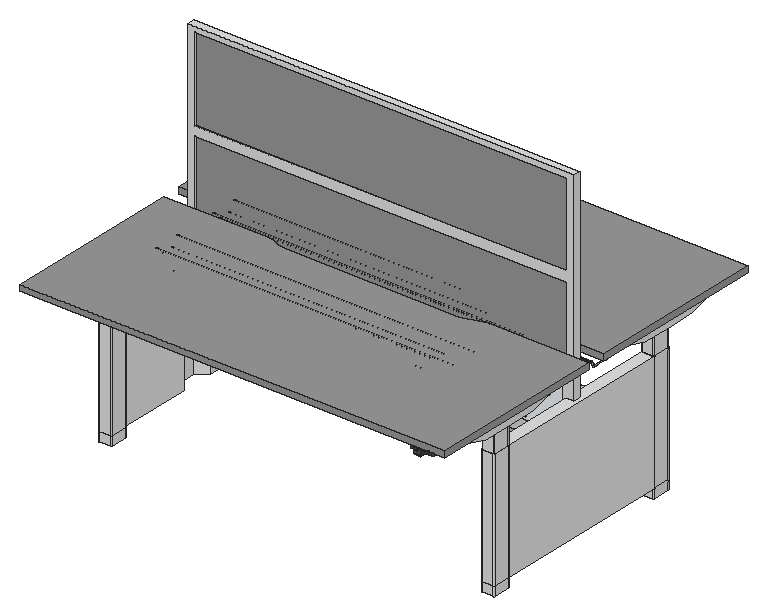
Revit family "Rise Squared Rectangular Desk A&B", category Furniture, Revit 2016 (continued)
Definition of nested family "Endframe Infill Panel"
  Definition of nested family "Cable Tray"
    Lines and regions (mm)
      sketch lines
        curve 117: arc (700, 247.192, 613.5) -> (700, 245.429, 614.073) -> (700, 244.339, 615.573) r 3
        curve 118: line (700, 244.339, 615.573) -> (700, 236.24, 640.5)
        curve 119: line (700, 333.661, 615.573) -> (700, 341.76, 640.5)
        curve 120: arc (700, 330.808, 613.5) -> (700, 332.571, 614.073) -> (700, 333.661, 615.573) r 3
        curve 128: line (200, 330.808, 613.5) -> (200, 247.192, 613.5)
        curve 129: arc (200, 247.192, 613.5) -> (200, 245.429, 614.073) -> (200, 244.339, 615.573) r 3
        curve 130: line (200, 244.339, 615.573) -> (200, 236.24, 640.5)
        curve 131: line (200, 333.661, 615.573) -> (200, 341.76, 640.5)
        curve 132: arc (200, 330.808, 613.5) -> (200, 332.571, 614.073) -> (200, 333.661, 615.573) r 3
        curve 140: line (-100, 330.808, 613.5) -> (-100, 247.192, 613.5)
        curve 141: arc (-100, 247.192, 613.5) -> (-100, 245.429, 614.073) -> (-100, 244.339, 615.573) r 3
        curve 142: line (-100, 244.339, 615.573) -> (-100, 236.24, 640.5)
        curve 143: line (-100, 333.661, 615.573) -> (-100, 341.76, 640.5)
        curve 144: arc (-100, 330.808, 613.5) -> (-100, 332.571, 614.073) -> (-100, 333.661, 615.573) r 3
        curve 152: line (-300, 330.808, 613.5) -> (-300, 247.192, 613.5)
        curve 153: arc (-300, 247.192, 613.5) -> (-300, 245.429, 614.073) -> (-300, 244.339, 615.573) r 3
        curve 154: line (-300, 244.339, 615.573) -> (-300, 236.24, 640.5)
        curve 155: line (-300, 333.661, 615.573) -> (-300, 341.76, 640.5)
        curve 156: arc (-300, 330.808, 613.5) -> (-300, 332.571, 614.073) -> (-300, 333.661, 615.573) r 3
        curve 164: line (-400, 330.808, 613.5) -> (-400, 247.192, 613.5)
        curve 165: arc (-400, 247.192, 613.5) -> (-400, 245.429, 614.073) -> (-400, 244.339, 615.573) r 3
        curve 166: line (-400, 244.339, 615.573) -> (-400, 236.24, 640.5)
        curve 167: line (-400, 333.661, 615.573) -> (-400, 341.76, 640.5)
        curve 168: arc (-400, 330.808, 613.5) -> (-400, 332.571, 614.073) -> (-400, 333.661, 615.573) r 3
        curve 176: line (-500, 330.808, 613.5) -> (-500, 247.192, 613.5)
        curve 177: arc (-500, 247.192, 613.5) -> (-500, 245.429, 614.073) -> (-500, 244.339, 615.573) r 3
        curve 178: line (-500, 244.339, 615.573) -> (-500, 236.24, 640.5)
        curve 179: line (-500, 333.661, 615.573) -> (-500, 341.76, 640.5)
        curve 180: arc (-500, 330.808, 613.5) -> (-500, 332.571, 614.073) -> (-500, 333.661, 615.573) r 3
        curve 188: line (-600, 330.808, 613.5) -> (-600, 247.192, 613.5)
        curve 189: arc (-600, 247.192, 613.5) -> (-600, 245.429, 614.073) -> (-600, 244.339, 615.573) r 3
        curve 190: line (-600, 244.339, 615.573) -> (-600, 236.24, 640.5)
        curve 191: line (-600, 333.661, 615.573) -> (-600, 341.76, 640.5)
        curve 192: arc (-600, 330.808, 613.5) -> (-600, 332.571, 614.073) -> (-600, 333.661, 615.573) r 3
        curve 200: line (-700, 330.808, 613.5) -> (-700, 247.192, 613.5)
        curve 201: arc (-700, 247.192, 613.5) -> (-700, 245.429, 614.073) -> (-700, 244.339, 615.573) r 3
        curve 202: line (-700, 244.339, 615.573) -> (-700, 236.24, 640.5)
        curve 203: line (-700, 333.661, 615.573) -> (-700, 341.76, 640.5)
        curve 204: arc (-700, 330.808, 613.5) -> (-700, 332.571, 614.073) -> (-700, 333.661, 615.573) r 3
        curve 212: line (-200, 330.808, 613.5) -> (-200, 247.192, 613.5)
        curve 213: arc (-200, 247.192, 613.5) -> (-200, 245.429, 614.073) -> (-200, 244.339, 615.573) r 3
        curve 214: line (-200, 244.339, 615.573) -> (-200, 236.24, 640.5)
        curve 215: line (-200, 333.661, 615.573) -> (-200, 341.76, 640.5)
        curve 216: arc (-200, 330.808, 613.5) -> (-200, 332.571, 614.073) -> (-200, 333.661, 615.573) r 3
      sketch lines, not visible
        curve 20: line (0, 318.719, 618.385) -> (0, 235.103, 618.385)
        curve 21: arc (0, 235.103, 618.385) -> (0, 233.34, 618.958) -> (0, 232.25, 620.458) r 3
        curve 22: line (0, 232.25, 620.458) -> (0, 224.151, 645.385)
        curve 23: line (0, 321.572, 620.458) -> (0, 329.671, 645.385)
        curve 24: arc (0, 318.719, 618.385) -> (0, 320.482, 618.958) -> (0, 321.572, 620.458) r 3
    Dimensions and locks
      equal spacing: plane 4, plane 3 "Center (Left/Right)", plane 5
      "Width": plane 4 to plane 5
      equal spacing: plane 7, plane 1 "Center (Front/Back)", plane 8
      locked: plane 7 to plane 8 at 800
      locked: plane 2 to plane 9 "Foot" at 15
      "HeightControl": plane 10 to level
      locked: plane 10 to plane 6 "Desktop Underside" at 25
      locked: plane 4 to plane 11 "Cable Tray Left" at 100
      locked: plane 12 "Cable Tray Right" to plane 5 at 100
      equal spacing: curve 3, curve 51, curve 123, curve 63, curve 75, curve 87, curve 99, curve 111, curve 27
      equal spacing: curve 39, curve 195, curve 183, curve 171, curve 159, curve 147, curve 207, curve 135, curve 3
      locked: plane 6 "Desktop Underside" to Extrusion 1 at 61.5
      locked: plane 7 to Extrusion 1 at 53.5
      locked: plane 6 "Desktop Underside" to Sweep 5 at 61.964
      locked: plane 6 "Desktop Underside" to Sweep 18 at 61.964
      locked: plane 6 "Desktop Underside" to Sweep 17 at 61.964
      locked: plane 6 "Desktop Underside" to Sweep 16 at 61.964
      locked: plane 6 "Desktop Underside" to Sweep 15 at 61.964
      locked: plane 6 "Desktop Underside" to Sweep 14 at 61.964
      locked: plane 6 "Desktop Underside" to Sweep 19 at 61.964
      locked: plane 6 "Desktop Underside" to Sweep 13 at 61.964
      locked: plane 6 "Desktop Underside" to Sweep 2 at 61.964
      locked: plane 6 "Desktop Underside" to Sweep 6 at 61.964
      locked: plane 6 "Desktop Underside" to Sweep 12 at 61.964
      locked: plane 6 "Desktop Underside" to Sweep 7 at 61.964
      locked: plane 6 "Desktop Underside" to Sweep 8 at 61.964
      locked: plane 6 "Desktop Underside" to Sweep 9 at 61.964
      locked: plane 6 "Desktop Underside" to Sweep 10 at 61.964
      locked: plane 6 "Desktop Underside" to Sweep 11 at 61.964
      locked: plane 6 "Desktop Underside" to Sweep 4 at 61.964
      locked: plane 7 to Extrusion 20 at 50.5
      locked: Extrusion 20 to plane 12 "Cable Tray Right" at 160
      locked: Extrusion 20 to Extrusion 20 at 25
      locked: Extrusion 21 to Extrusion 21 at 25
      locked: plane 11 "Cable Tray Left" to Extrusion 21 at 160
      aligned and locked: level to plane 2
      aligned and locked: Extrusion 1 to plane 12 "Cable Tray Right"
      aligned and locked: Extrusion 1 to plane 11 "Cable Tray Left"
      aligned and locked: plane 12 "Cable Tray Right" to curve 27
      aligned and locked: curve 39 to plane 11 "Cable Tray Left"
      aligned and locked: plane 6 "Desktop Underside" to Extrusion 20
    Automatic sketch dimensions
      Sweep 2 sketch curve to profile plane = 0 mm  (x2)
      Sweep 3 sketch curve to profile plane = 0 mm  (x2)
      Sweep 4 sketch curve to profile plane = 0 mm  (x2)
      Sweep 5 sketch curve to profile plane = 0 mm  (x2)
      Sweep 6 sketch curve to profile plane = 0 mm  (x2)
      Sweep 7 sketch curve to profile plane = 0 mm  (x2)
      Sweep 8 sketch curve to profile plane = 0 mm  (x2)
      Sweep 9 sketch curve to profile plane = 0 mm  (x2)
      Sweep 10 sketch curve to profile plane = 0 mm  (x2)
      Sweep 11 sketch curve to profile plane = 0 mm  (x2)
      Sweep 12 sketch curve to profile plane = 0 mm  (x2)
      Sweep 13 sketch curve to profile plane = 0 mm  (x2)
      Sweep 14 sketch curve to profile plane = 0 mm  (x2)
      Sweep 15 sketch curve to profile plane = 0 mm  (x2)
      Sweep 16 sketch curve to profile plane = 0 mm  (x2)
      Sweep 17 sketch curve to profile plane = 0 mm  (x2)
      Sweep 18 sketch curve to profile plane = 0 mm  (x2)
      Sweep 19 sketch curve to profile plane = 0 mm  (x2)
      Extrusion 1 sketch curve to plane 6 "Desktop Underside" = 61.5 mm  (x2)
      Extrusion 1 sketch curve to plane 7 = 167 mm
      Extrusion 1 sketch curve to Extrusion 1 sketch curve = 31 mm  (x2)
      Extrusion 1 sketch curve to Extrusion 1 sketch curve = 50 mm
      Extrusion 1 sketch curve to Extrusion 1 sketch curve = 30 mm  (x2)
      Extrusion 20 sketch curve to Extrusion 20 sketch curve = 0 mm  (x11)
      Extrusion 20 sketch curve to plane 6 "Desktop Underside" = 0 mm
      Extrusion 20 sketch curve to plane 6 "Desktop Underside" = 31.5 mm
      Extrusion 20 sketch curve to plane 7 = 171.565 mm
      Extrusion 20 sketch curve to Extrusion 20 sketch curve = 0.065 mm  (x2)
      Extrusion 20 sketch curve to Extrusion 20 sketch curve = 3 mm  (x4)
      Extrusion 20 sketch curve to Extrusion 20 sketch curve = 1.5 mm  (x4)
      Extrusion 20 sketch curve to Extrusion 20 sketch curve = 2.634 mm
      Extrusion 20 sketch curve to Extrusion 20 sketch curve = 0.049 mm  (x2)
      Extrusion 20 sketch curve to Extrusion 20 sketch curve = 39.801 mm
      Extrusion 20 sketch curve to Extrusion 20 sketch curve = 6 mm  (x2)
      Extrusion 20 sketch curve to Extrusion 20 sketch curve = 54.484 mm
      Extrusion 20 sketch curve to plane 6 "Desktop Underside" = 5 mm  (x2)
      Extrusion 20 sketch curve to Extrusion 20 sketch curve = 12 mm
      Extrusion 20 sketch curve to Extrusion 20 sketch curve = 36.451 mm
      Extrusion 20 sketch curve to Extrusion 20 sketch curve = 0.35 mm
      Extrusion 20 sketch curve to Extrusion 20 sketch curve = 0.016 mm
      Extrusion 20 sketch curve to plane 6 "Desktop Underside" = 56.074 mm
      Extrusion 20 sketch curve to Extrusion 20 sketch curve = 20.781 mm
      Extrusion 20 sketch curve to Extrusion 20 sketch curve = 5 mm  (x3)
      Extrusion 20 sketch curve to Extrusion 20 sketch curve = 5.426 mm
      Extrusion 20 sketch curve to Extrusion 20 sketch curve = 81.082 mm
      Extrusion 20 sketch curve to Extrusion 20 sketch curve = 3.312 mm
      Extrusion 20 sketch curve to Extrusion 20 sketch curve = 20.355 mm
      Extrusion 20 sketch curve to Extrusion 20 sketch curve = 2 mm  (x2)
      Extrusion 20 sketch curve to Extrusion 20 sketch curve = 0.293 mm  (x2)
      Extrusion 20 sketch curve to Extrusion 20 sketch curve = 3.101 mm
      Extrusion 20 sketch curve to plane 6 "Desktop Underside" = 8.101 mm
      Extrusion 20 sketch curve to Extrusion 20 sketch curve = 0.033 mm
      Extrusion 20 sketch curve to Extrusion 20 sketch curve = 1.263 mm
      Extrusion 21 sketch curve to Extrusion 21 sketch curve = 0 mm  (x11)
      Extrusion 21 sketch curve to plane 6 "Desktop Underside" = 0 mm
      Extrusion 21 sketch curve to plane 6 "Desktop Underside" = 31.5 mm
      Extrusion 21 sketch curve to plane 7 = 171.565 mm
      Extrusion 21 sketch curve to Extrusion 21 sketch curve = 0.065 mm  (x2)
      Extrusion 21 sketch curve to Extrusion 21 sketch curve = 3 mm  (x4)
      Extrusion 21 sketch curve to Extrusion 21 sketch curve = 1.5 mm  (x4)
      Extrusion 21 sketch curve to Extrusion 21 sketch curve = 2.634 mm
      Extrusion 21 sketch curve to Extrusion 21 sketch curve = 0.049 mm  (x2)
      Extrusion 21 sketch curve to Extrusion 21 sketch curve = 39.801 mm
      Extrusion 21 sketch curve to Extrusion 21 sketch curve = 6 mm  (x2)
      Extrusion 21 sketch curve to Extrusion 21 sketch curve = 54.484 mm
      Extrusion 21 sketch curve to plane 6 "Desktop Underside" = 5 mm  (x2)
      Extrusion 21 sketch curve to Extrusion 21 sketch curve = 12 mm
      Extrusion 21 sketch curve to Extrusion 21 sketch curve = 36.451 mm
      Extrusion 21 sketch curve to Extrusion 21 sketch curve = 0.35 mm
      Extrusion 21 sketch curve to Extrusion 21 sketch curve = 0.016 mm
      Extrusion 21 sketch curve to Extrusion 21 sketch curve = 3.101 mm  (x2)
      Extrusion 21 sketch curve to plane 6 "Desktop Underside" = 24.207 mm
      Extrusion 21 sketch curve to Extrusion 21 sketch curve = 7.293 mm
      Extrusion 21 sketch curve to Extrusion 21 sketch curve = 0.293 mm  (x2)
      Extrusion 21 sketch curve to Extrusion 21 sketch curve = 5 mm  (x3)
      Extrusion 21 sketch curve to Extrusion 21 sketch curve = 2 mm
      Extrusion 21 sketch curve to Extrusion 21 sketch curve = 20.355 mm
      Extrusion 21 sketch curve to Extrusion 21 sketch curve = 20.781 mm
      Extrusion 21 sketch curve to Extrusion 21 sketch curve = 5.426 mm
      Extrusion 21 sketch curve to Extrusion 21 sketch curve = 81.082 mm
      Extrusion 21 sketch curve to Extrusion 21 sketch curve = 3.312 mm
      Extrusion 21 sketch curve to Extrusion 21 sketch curve = 0.033 mm
      Extrusion 21 sketch curve to Extrusion 21 sketch curve = 1.263 mm
      radius of Sweep 2 sketch curve = 1.5 mm
      radius of Sweep 3 sketch curve = 1.5 mm
      radius of Sweep 4 sketch curve = 1.5 mm
      radius of Sweep 5 sketch curve = 1.5 mm
      radius of Sweep 6 sketch curve = 1.5 mm
      radius of Sweep 7 sketch curve = 1.5 mm
      radius of Sweep 8 sketch curve = 1.5 mm
      radius of Sweep 9 sketch curve = 1.5 mm
      radius of Sweep 10 sketch curve = 1.5 mm
      radius of Sweep 11 sketch curve = 1.5 mm
      radius of Sweep 12 sketch curve = 1.5 mm
      radius of Sweep 13 sketch curve = 1.5 mm
      radius of Sweep 14 sketch curve = 1.5 mm
      radius of Sweep 15 sketch curve = 1.5 mm
      radius of Sweep 16 sketch curve = 1.5 mm
      radius of Sweep 17 sketch curve = 1.5 mm
      radius of Sweep 18 sketch curve = 1.5 mm
      radius of Sweep 19 sketch curve = 1.5 mm
      radius of Extrusion 1 sketch curve = 1.5 mm  (x4)
Definition of nested family "Fabric Screen"
  Parameters (values of type "Fabric Screen")
    Width = 1800 mm
    URL = "www.gof.co.uk"
    Type Comments = ""
    Fabric Screen Top Screen = none
    Screen Frame = none
    Range = "RISE SQUARED"
    Product Code = ""
    Fabric Screen Low Screen = none
    Fabric Screen = yes
    Endframe Infill Panel = ""
    Model = ""
    Manufacturer = "Gresham Office Furniture"  # constant formula
    Cable Tray = ""
    Assembly Code = "E2020200"
  Reference planes
    plane 1 "Center (Front/Back)": y = 0
    plane 2: z = 0
    plane 3 "Center (Left/Right)": x = 0
    plane 4: x = -900
    plane 5: x = 900
    plane 6 "Desktop Underside": z = 702
    plane 7: y = 380
    plane 8: y = -380
    plane 9 "Foot": z = 15
    plane 10: z = 727
    plane 11: y = 460
    plane 12: y = 1220
    plane 13 "Centre Line": y = 420
    plane 14: z = 1400
  Forms (mm)
    Extrusion 1, solid, material <- "Screen Frame", visible <- "Fabric Screen"
      sketch origin (0, 435, 0) x (1, 0, 0) y (0, 0, 1)
        loop
          line (816, 1400) -> (-816, 1400) -> (-816, 495) -> (-790.011, 495) -> (-790.011, 419.987) -> (-768.6, 419.987) -> (-768.6, 579.453) -> (768.6, 579.453) -> (768.6, 419.987) -> (790.011, 419.987) -> (790.011, 495) -> (816, 495) -> (816, 1400)
        loop
          line (-786, 1379.987) -> (-786, 1024.12) -> (786, 1024.12) -> (786, 1379.987) -> (-786, 1379.987)
        loop
          line (-786.416, 984.12) -> (-786.416, 646.837) -> (786.416, 646.837) -> (786.416, 984.12) -> (-786.416, 984.12)
      from 0 to 30
    Extrusion 2, solid, material <- "Fabric Screen Top Screen", visible <- "Fabric Screen"
      sketch origin (0, 420, 0) x (1, 0, 0) y (0, 0, 1)
        loop
          line (-786, 1379.987) -> (-786, 1024.12) -> (786, 1024.12) -> (786, 1379.987) -> (-786, 1379.987)
      from 10 to -10
    Extrusion 3, solid, material <- "Fabric Screen Low Screen", visible <- "Fabric Screen"
      sketch origin (0, 420, 0) x (1, 0, 0) y (0, 0, 1)
        loop
          line (786.416, 984.12) -> (-786.416, 984.12) -> (-786.416, 646.837) -> (786.416, 646.837) -> (786.416, 984.12)
      from -10 to 10
  Dimensions and locks
    equal spacing: plane 4, plane 3 "Center (Left/Right)", plane 5
    "Width": plane 4 to plane 5
    locked: plane 2 to plane 9 "Foot" at 15
    plane 10 to level = 727 mm
    plane 10 to plane 6 "Desktop Underside" = 25 mm
    locked: plane 7 to plane 8 at 760
    equal spacing: plane 7, plane 1 "Center (Front/Back)", plane 8
    plane 8 to plane 12 = 1600 mm
    locked: Extrusion 1 to plane 5 at 84
    locked: plane 4 to Extrusion 1 at 84
    equal spacing: plane 11, plane 13 "Centre Line", plane 7
    plane 14 to level = 1400 mm
    aligned and locked: level to plane 2
  Automatic sketch dimensions
    Extrusion 1 sketch curve to Extrusion 1 sketch curve = 0.416 mm  (x2)
    Extrusion 1 sketch curve to Extrusion 1 sketch curve = 21.411 mm  (x2)
    Extrusion 1 sketch curve to Extrusion 1 sketch curve = 25.989 mm  (x2)
    Extrusion 1 sketch curve to plane 6 "Desktop Underside" = 282.013 mm
    Extrusion 1 sketch curve to Extrusion 1 sketch curve = 75.013 mm  (x2)
    Extrusion 1 sketch curve to Extrusion 1 sketch curve = 84.453 mm  (x2)
    plane 10 to Extrusion 1 sketch curve = 257.12 mm
    Extrusion 1 sketch curve to Extrusion 1 sketch curve = 40 mm
    Extrusion 1 sketch curve to Extrusion 1 sketch curve = 355.867 mm
    Extrusion 1 sketch curve to Extrusion 1 sketch curve = 20.013 mm
    Extrusion 1 sketch curve to plane 6 "Desktop Underside" = 55.163 mm
    plane 5 to Extrusion 1 sketch curve = 131.4 mm
    plane 5 to Extrusion 1 sketch curve = 114 mm
    plane 4 to Extrusion 1 sketch curve = 131.4 mm
    plane 4 to Extrusion 1 sketch curve = 114 mm
    plane 4 to Extrusion 2 sketch curve = 114 mm
    plane 5 to Extrusion 2 sketch curve = 114 mm
    plane 10 to Extrusion 2 sketch curve = 297.12 mm
    Extrusion 2 sketch curve to Extrusion 2 sketch curve = 355.867 mm
    plane 4 to Extrusion 3 sketch curve = 113.584 mm
    plane 5 to Extrusion 3 sketch curve = 113.584 mm
    Extrusion 3 sketch curve to plane 6 "Desktop Underside" = 55.163 mm
    plane 10 to Extrusion 3 sketch curve = 257.12 mm
Definition of nested family "Part Glazed Screen"
  Parameters (values of type "Part Glazed Screen")
    Width = 1800 mm
    URL = "www.gof.co.uk"
    Type Comments = ""
    Part Glazed Top Screen = none
    Screen Frame = none
    Range = "RISE SQUARED"
    Product Code = ""
    Part Glazed Low Screen = none
    Part Glazed Screen = yes
    Endframe Infill Panel = ""
    Model = ""
    Manufacturer = "Gresham Office Furniture"  # constant formula
    Cable Tray = ""
    Assembly Code = "E2020200"
  Reference planes
    plane 1 "Center (Front/Back)": y = 0
    plane 2: z = 0
    plane 3 "Center (Left/Right)": x = 0
    plane 4: x = -900
    plane 5: x = 900
    plane 6 "Desktop Underside": z = 702
    plane 7: y = 380
    plane 8: y = -380
    plane 9 "Foot": z = 15
    plane 10: z = 727
    plane 11: y = 460
    plane 12: y = 1220
    plane 13 "Centre Line": y = 420
    plane 14: z = 1400
  Forms (mm)
    Extrusion 1, solid, material <- "Screen Frame", visible <- "Part Glazed Screen"
      sketch origin (0, 435, 0) x (1, 0, 0) y (0, 0, 1)
        loop
          line (816, 1400) -> (-816, 1400) -> (-816, 495) -> (-790.011, 495) -> (-790.011, 419.987) -> (-768.6, 419.987) -> (-768.6, 579.453) -> (768.6, 579.453) -> (768.6, 419.987) -> (790.011, 419.987) -> (790.011, 495) -> (816, 495) -> (816, 1400)
        loop
          line (-786, 1379.987) -> (-786, 1024.12) -> (786, 1024.12) -> (786, 1379.987) -> (-786, 1379.987)
        loop
          line (-786.416, 984.12) -> (-786.416, 646.837) -> (786.416, 646.837) -> (786.416, 984.12) -> (-786.416, 984.12)
      from 0 to 30
    Extrusion 2, solid, material <- "Part Glazed Top Screen", visible <- "Part Glazed Screen"
      sketch origin (0, 420, 0) x (1, 0, 0) y (0, 0, 1)
        loop
          line (-786, 1379.987) -> (-786, 1024.12) -> (786, 1024.12) -> (786, 1379.987) -> (-786, 1379.987)
      from 10 to -10
    Extrusion 3, solid, material <- "Part Glazed Low Screen", visible <- "Part Glazed Screen"
      sketch origin (0, 420, 0) x (1, 0, 0) y (0, 0, 1)
        loop
          line (786.416, 984.12) -> (-786.416, 984.12) -> (-786.416, 646.837) -> (786.416, 646.837) -> (786.416, 984.12)
      from -10 to 10
  Dimensions and locks
    equal spacing: plane 4, plane 3 "Center (Left/Right)", plane 5
    "Width": plane 4 to plane 5
    locked: plane 2 to plane 9 "Foot" at 15
    plane 10 to level = 727 mm
    plane 10 to plane 6 "Desktop Underside" = 25 mm
    locked: plane 7 to plane 8 at 760
    equal spacing: plane 7, plane 1 "Center (Front/Back)", plane 8
    plane 8 to plane 12 = 1600 mm
    locked: Extrusion 1 to plane 5 at 84
    locked: plane 4 to Extrusion 1 at 84
    equal spacing: plane 11, plane 13 "Centre Line", plane 7
    plane 14 to level = 1400 mm
    aligned and locked: level to plane 2
  Automatic sketch dimensions
    Extrusion 1 sketch curve to Extrusion 1 sketch curve = 0.416 mm  (x2)
    Extrusion 1 sketch curve to Extrusion 1 sketch curve = 21.411 mm  (x2)
    Extrusion 1 sketch curve to Extrusion 1 sketch curve = 25.989 mm  (x2)
    Extrusion 1 sketch curve to plane 6 "Desktop Underside" = 282.013 mm
    Extrusion 1 sketch curve to Extrusion 1 sketch curve = 75.013 mm  (x2)
    Extrusion 1 sketch curve to Extrusion 1 sketch curve = 84.453 mm  (x2)
    plane 10 to Extrusion 1 sketch curve = 257.12 mm
    Extrusion 1 sketch curve to Extrusion 1 sketch curve = 40 mm
    Extrusion 1 sketch curve to Extrusion 1 sketch curve = 355.867 mm
    Extrusion 1 sketch curve to Extrusion 1 sketch curve = 20.013 mm
    Extrusion 1 sketch curve to plane 6 "Desktop Underside" = 55.163 mm
    plane 5 to Extrusion 1 sketch curve = 131.4 mm
    plane 5 to Extrusion 1 sketch curve = 114 mm
    plane 4 to Extrusion 1 sketch curve = 131.4 mm
    plane 4 to Extrusion 1 sketch curve = 114 mm
    plane 4 to Extrusion 2 sketch curve = 114 mm
    plane 5 to Extrusion 2 sketch curve = 114 mm
    plane 10 to Extrusion 2 sketch curve = 297.12 mm
    Extrusion 2 sketch curve to Extrusion 2 sketch curve = 355.867 mm
    plane 4 to Extrusion 3 sketch curve = 113.584 mm
    plane 5 to Extrusion 3 sketch curve = 113.584 mm
    Extrusion 3 sketch curve to plane 6 "Desktop Underside" = 55.163 mm
    plane 10 to Extrusion 3 sketch curve = 257.12 mm
Types (5, lengths in mm): name | Width | Product Code
  (no name) | 1800 | "HBS1816"
  1600 x 800 | 1600 | "HBS1616"
  1800 x 800 | 1800 | "HBS1816"
  1200 x 800 | 1200 | "HBS1216"
  1400 x 800 | 1400 | "HBS1416"
